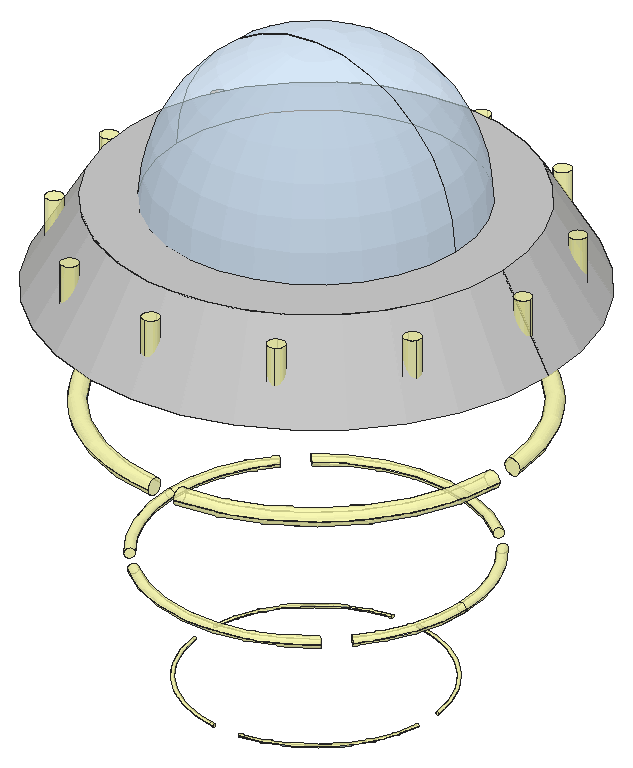
Revit family "UFO_beam", category Generic Models, Revit 2020
Family settings
  Can host rebar = No
  Round Connector Dimension = Use Diameter
  Part Type = Normal
  Work Plane-Based = Yes
  Always vertical = No
  Cut with Voids When Loaded = No
  Shared = No
  Room Calculation Point = No
Parameters
  show_beam [instance] = yes
  Default Elevation = 0 mm
Reference planes
  plane 1 "Center (Front/Back)": y = 0
  plane 2: z = 0
  plane 3 "Center (Left/Right)": x = 0
Forms (mm)
  Blend 1, solid
    base sketch origin (0, 0, 0) x (1, 0, 0) y (0, 1, 0)
      loop
        circle (0, 0) r 1500
    top sketch origin (0, 0, 0) x (1, 0, 0) y (0, 1, 0)
      loop
        circle (0, 0) r 1200
    from 0 to 500
  Revolve 2, solid
    sketch origin (0, 0, 0) x (1, 0, 0) y (0, 0, 1)
      loop
        arc (900, 500) -> (636.396, 1136.396) -> (0, 1400) r 900
        line (0, 1400) -> (0, 500) -> (900, 500)
      axis (0, 1400) -> (0, 500)
    angle from 0 to 360
  Extrusion 3, solid
    sketch origin (-900, 0, 0) x (1, 0, 0) y (0, 1, 0)
      loop
        circle (2234.357, 0) r 50
    from 50 to 400
  Extrusion 4, solid
    sketch origin (-779.423, 450, 0) x (0.866025, -0.5, 0) y (0.5, 0.866025, 0)
      loop
        circle (2234.357, 0) r 50
    from 50 to 400
  Extrusion 5, solid
    sketch origin (-779.423, -450, 0) x (0.866025, 0.5, 0) y (-0.5, 0.866025, 0)
      loop
        circle (2234.357, 0) r 50
    from 50 to 400
  Extrusion 6, solid
    sketch origin (-450, -779.423, 0) x (0.5, 0.866025, 0) y (-0.866025, 0.5, 0)
      loop
        circle (2234.357, 0) r 50
    from 50 to 400
  Extrusion 7, solid
    sketch origin (0, -900, 0) x (0, 1, 0) y (-1, 0, 0)
      loop
        circle (2234.357, 0) r 50
    from 50 to 400
  Extrusion 8, solid
    sketch origin (450, -779.423, 0) x (-0.5, 0.866025, 0) y (-0.866025, -0.5, 0)
      loop
        circle (2234.357, 0) r 50
    from 50 to 400
  Extrusion 9, solid
    sketch origin (779.423, -450, 0) x (-0.866025, 0.5, 0) y (-0.5, -0.866025, 0)
      loop
        circle (2234.357, 0) r 50
    from 50 to 400
  Extrusion 10, solid
    sketch origin (900, 0, 0) x (-1, 0, 0) y (0, -1, 0)
      loop
        circle (2234.357, 0) r 50
    from 50 to 400
  Extrusion 11, solid
    sketch origin (779.423, 450, 0) x (-0.866025, -0.5, 0) y (0.5, -0.866025, 0)
      loop
        circle (2234.357, 0) r 50
    from 50 to 400
  Extrusion 12, solid
    sketch origin (450, 779.423, 0) x (-0.5, -0.866025, 0) y (0.866025, -0.5, 0)
      loop
        circle (2234.357, 0) r 50
    from 50 to 400
  Extrusion 13, solid
    sketch origin (0, 900, 0) x (0, -1, 0) y (1, 0, 0)
      loop
        circle (2234.357, 0) r 50
    from 50 to 400
  Extrusion 14, solid
    sketch origin (-450, 779.423, 0) x (0.5, -0.866025, 0) y (0.866025, 0.5, 0)
      loop
        circle (2234.357, 0) r 50
    from 50 to 400
  Sweep 15, solid, visible <- "show_beam"
    path in 3D
      loop
        arc (-500, 0, 0) -> (0, -500, 0) -> (500, 0, 0) r 500
        arc (500, 0, 0) -> (0, 500, 0) -> (-500, 0, 0) r 500
    profile "profile : DD" origin (0, 500, 0) x (0, -1, 0) y (0, 0, 1)
      loop
        circle (-223.674, -2260.831) r 10
      loop
        circle (-439.289, -1539.443) r 30
      loop
        circle (-704.924, -667.735) r 50
  Extrusion 16, void
    sketch origin (0, 0, 0) x (1, 0, 0) y (0, 1, 0)
      loop
        line (-3806.428, 80) -> (-3806.428, -80) -> (-80, -80) -> (-80, -3806.428) -> (80, -3806.428) -> (80, -80) -> (4573.572, -80) -> (4573.572, 80) -> (80, 80) -> (80, 4573.572) -> (-80, 4573.572) -> (-80, 80) -> (-3806.428, 80)
    from -1241.889 to -175.378
  Extrusion 17, void
    sketch origin (0, 0, 0) x (1, 0, 0) y (0, 1, 0)
      loop
        line (-3806.428, 80) -> (-3806.428, -80) -> (-80, -80) -> (-80, -3806.428) -> (80, -3806.428) -> (80, -80) -> (4573.572, -80) -> (4573.572, 80) -> (80, 80) -> (80, 4573.572) -> (-80, 4573.572) -> (-80, 80) -> (-3806.428, 80)
    from -3613.173 to -1945.284
  Extrusion 18, void
    sketch origin (0, 0, 0) x (0.707107, -0.707107, 0) y (0.707107, 0.707107, 0)
      loop
        line (-3806.428, 80) -> (-3806.428, -80) -> (-80, -80) -> (-80, -3806.428) -> (80, -3806.428) -> (80, -80) -> (4573.572, -80) -> (4573.572, 80) -> (80, 80) -> (80, 4573.572) -> (-80, 4573.572) -> (-80, 80) -> (-3806.428, 80)
    from -1755.291 to -1457.626
Cuts and joins
  Extrusion 16, Extrusion 17, Extrusion 18 cuts Sweep 15
Lines and regions (mm)
  reference lines
    curve 1: circle (0, 0, 0) r 500 normal (0, 0, 1)
  sketch lines
    curve 2: circle (0, 0, 0) r 500 normal (0, 0, 1)
Dimensions and locks
  aligned and locked: plane 2 to level
